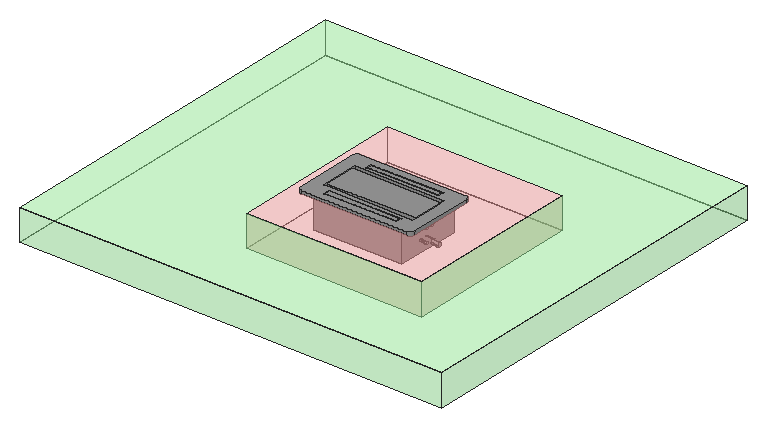
Revit family "BC_Hitachi_RCD-FSR-0.8-6.0_LOD400", category Mechanical Equipment, host Face, Revit 2018
Family settings
  Host = Face
  Round Connector Dimension = Use Diameter
  Part Type = Normal
  OmniClass Number = 23.75.70.00
  OmniClass Title = HVAC Distribution Devices
  Cut with Voids When Loaded = No
  Shared = No
  Room Calculation Point = No
Parameters (values of type "RCD-0.8FSR")
  Wiring diameter = 26.00 mm
  Usage Current = 5 A
  Uniformat code = "D3040"
  Uniformat = "Distribution Systems"
  Sound power max = 44
  Refrigerant Type = "R410A / R32"
  Reference = "RCD-0.8FSR"
  Product Code = "60279168"
  Overall width = 860.00 mm
  Overall height = 298.00 mm
  Overall depth = 630.00 mm
  Outlet Diameter = 32.00 mm
  OmniClass description = "Air Handling Units"
  OmniClass code = "23-33 25 00"
  Number of Poles = 1
  Nominal Voltage = 230 V
  Name BIM&CO = "Indoor Unit"
  Minimum Air Flow = 390.0 m³/h
  Minimum AC Voltage = 207 V
  Maximum Air Flow = 600.0 m³/h
  Maximum AC Voltage = 253 V
  Masterformat Code = "23 73 00"
  MasterFormat = "Indoor Central-Station Air-Handling Units"
  Mass = 23.00 kg
  Manufacturer Product Link = ""
  Liquid Diameter = 6.35 mm
  Gas Diameter = 12.70 mm
  GTIN (Global Trade Item Number)  = ""
  Frequency = 50 Hz
  Description OmniClass = "Air Handling Units"
  Color = "Spring white (4.1Y8.5/0.7)"
  BC_VARIANT_ID = "508768"
  BC_OBJECT_VERSION = "#10"  # constant formula
  BC_OBJECT_ID = "209119"  # constant formula
  BC_MODEL_ID = ""  # constant formula
  Acoustic Pressure Level Mini = 27
  Acoustic Pressure Level Medium (dB) = 28
  Service space [instance] = yes
  Model = "RCD - 2-way cassette"
  Heating Capacity = 2.2 kW
  Face Depth = 30.00 mm
  Operation space [instance] = yes
  Face Length = 1100.00 mm
  Face Width = 710.00 mm
  Fan motor type (output) = 57 W
  Manufacturer = "Hitachi Air Conditioning Europe SAS"
  Default Elevation = 1219.20 mm
  Duct adapter diameter = 150.00 mm
  Description = "RCD - 2-way cassette"
  Cooling Capacity = 2 kW
  Type Comments = "RCD-0.8FSR"
  Air Flow (HiH/Hi/Me/low) m3/min = "10/9/7.5/6.5"
  Acoustic Pressure Level Maxi = 30
Types (9, lengths in mm): name | Sound power max | Reference | Product Code | Overall width | Minimum Air Flow | Maximum Air Flow | Mass | Liquid Diameter | Gas Diameter | BC_VARIANT_ID | Acoustic Pressure Level Mini | Acoustic Pressure Level Medium (dB) | Heating Capacity | Face Length | Fan motor type (output) | Cooling Capacity | Type Comments | Air Flow (HiH/Hi/Me/low) m3/min | Acoustic Pressure Level Maxi
  RCD-6.0FSR | 59 | "RCD-6.0FSR" | "60279176" | 1420.00 | 1440.0 m³/h | 2220.0 m³/h | 39.00 kg | 9.52 | 15.88 | "508773" | 39 | 42 | 16.8 kW | 1660.00 | 114 W | 14 kW | "RCD-6.0FSR" | "37/32.5/28.5/24" | 48
  RCD-5.0FSR | 55 | "RCD-5.0FSR" | "60279175" | 1420.00 | 1260.0 m³/h | 2100.0 m³/h | 39.00 kg | 9.52 | 15.88 | "508772" | 34 | 41 | 14 kW | 1660.00 | 114 W | 12.5 kW | "RCD-5.0FSR" | "35/31/27/21" | 47
  RCD-4.0FSR | 55 | "RCD-4.0FSR" | "60279174" | 1420.00 | 1200.0 m³/h | 1800.0 m³/h | 39.00 kg | 9.52 | 15.88 | "508774" | 34 | 37 | 11.2 kW | 1660.00 | 114 W | 10 kW | "RCD-4.0FSR" | "30/26.5/23/20" | 43
  RCD-3.0FSR | 55 | "RCD-3.0FSR" | "60279173" | 860.00 | 750.0 m³/h | 1260.0 m³/h | 25.00 kg | 9.52 | 15.88 | "508771" | 33 | 38 | 8 kW | 1100.00 | 57 W | 7.1 kW | "RCD-3.0FSR" | "21/18.5/16/12.5" | 45
  RCD-2.5FSR | 52 | "RCD-2.5FSR" | "60279172" | 860.00 | 750.0 m³/h | 1110.0 m³/h | 25.00 kg | 9.52 | 15.88 | "508769" | 33 | 36 | 6.3 kW | 1100.00 | 57 W | 5.6 kW | "RCD-2.5FSR" | "18.5/16.5/14.5/12.5" | 42
  RCD-2.0FSR | 51 | "RCD-2.0FSR" | "60279171" | 860.00 | 630.0 m³/h | 990.0 m³/h | 25.00 kg | 6.35 | 12.70 | "508767" | 30 | 33 | 5.6 kW | 1100.00 | 57 W | 5 kW | "RCD-2.0FSR" | "16.5/14.5/12.5/10.5" | 39
  RCD-1.5FSR | 49 | "RCD-1.5FSR" | "60279170" | 860.00 | 600.0 m³/h | 900.0 m³/h | 25.00 kg | 6.35 | 12.70 | "508770" | 30 | 31 | 4 kW | 1100.00 | 57 W | 3.6 kW | "RCD-1.5FSR" | "15/13/11.5/10" | 37
  RCD-1.0FSR | 46 | "RCD-1.0FSR" | "60279169" | 860.00 | 420.0 m³/h | 660.0 m³/h | 23.00 kg | 6.35 | 12.70 | "508775" | 27 | 28 | 2.8 kW | 1100.00 | 57 W | 2.5 kW | "RCD-0.8FSR" | "11/9.5/8.5/7" | 31
  RCD-0.8FSR | 44 | "RCD-0.8FSR" | "60279168" | 860.00 | 390.0 m³/h | 600.0 m³/h | 23.00 kg | 6.35 | 12.70 | "508768" | 27 | 28 | 2.2 kW | 1100.00 | 57 W | 2 kW | "RCD-0.8FSR" | "10/9/7.5/6.5" | 30
Reference planes
  plane 1 "Centre (avant/arrière)": y = 0
  plane 2: z = 0
  plane 3 "Centre (gauche/droite)": x = 0
  plane 4 "AVANT": y = 315
  plane 5 "DROITE": x = 430
  plane 6 "GAUCHE": x = -430
  plane 7 "ARRIERE": y = -315
  plane 8: z = -298
  plane 9 "AVANT FACADE": y = 355
  plane 10 "ARRIER FACADE": y = -355
  plane 11 "GAUCHE FACADE": x = -550
  plane 12 "DROIT FACADE": x = 550
  plane 13 "Facade": z = 30
  plane 14 "L2": z = -308
  plane 15 "A": x = -2050
  plane 16: y = 1855
  plane 17 "B": x = 2050
  plane 18: y = -1855
  plane 19 "AA": x = -650
  plane 20 "BB": x = 1050
  plane 21: y = -855
  plane 22: y = 855
  plane 23: y = -225
  plane 24: y = -285
  plane 25: y = 285
  plane 26: y = 225
  plane 27: x = -430
  plane 28: z = -22.049
Forms (mm)
  Extrusion 1, solid, material "Aluminum"
    sketch origin (0, 0, 0) x (1, 0, 0) y (0, 1, 0)
      loop
        line (-430, 315) -> (-430, -315) -> (430, -315) -> (430, 315) -> (-430, 315)
    from 0 to -298
  Extrusion 2, solid, material "Plastic, Opaque White"
    sketch origin (0, 0, 0) x (1, 0, 0) y (0, 1, 0)
      loop
        arc (-510, 355) -> (-538.284, 343.284) -> (-550, 315) r 40
        line (-550, 315) -> (-550, -315)
        arc (-550, -315) -> (-538.284, -343.284) -> (-510, -355) r 40
        line (-510, -355) -> (510, -355)
        arc (510, -355) -> (538.284, -343.284) -> (550, -315) r 40
        line (550, -315) -> (550, 315)
        arc (550, 315) -> (538.284, 343.284) -> (510, 355) r 40
        line (510, 355) -> (-510, 355)
    from 0 to 30
  Extrusion 3, solid, material "Copper"
    sketch origin (430, 0, 0) x (0, 1, 0) y (0, 0, 1)
      loop
        circle (-104, -178) r 6.35
    from 0 to 78
  Extrusion 4, solid, material "Copper"
    sketch origin (430, 80, 0) x (0, 1, 0) y (0, 0, 1)
      loop
        circle (-104, -178) r 3.175
    from 0 to 78
  Extrusion 5, solid, material "Plastic, Opaque White"
    sketch origin (430, 148, 0) x (0, 1, 0) y (0, 0, 1)
      loop
        circle (-104, -260) r 16
    from 0 to 78
  Extrusion 6, solid, material "Aluminum"
    sketch origin (-430, 0, 0) x (0, -1, 0) y (0, 0, 1)
      loop
        circle (0, -134) r 75
    from 0 to 15
  Extrusion 7, solid, material "Aluminum"
    sketch origin (430, 0, 139) x (0, 1, 0) y (0, 0, 1)
      loop
        circle (-104, -178) r 13
    from 0 to 78
  Extrusion 8, solid, material "Aluminum"
    sketch origin (430, 59, 139) x (0, 1, 0) y (0, 0, 1)
      loop
        circle (-104, -178) r 13
    from 0 to 78
  Extrusion 9, void
    sketch origin (0, 0, 30) x (-1, 0, 0) y (0, -1, 0)
      loop
        line (350, -285) -> (350, -225) -> (-350, -225) -> (-350, -285) -> (350, -285)
      loop
        line (341, -276) -> (341, -234) -> (-341, -234) -> (-341, -276) -> (341, -276)
    from 0 to -30
  Extrusion 10, void
    sketch origin (0, 0, 30) x (-1, 0, 0) y (0, -1, 0)
      loop
        line (350, 225) -> (350, 285) -> (-350, 285) -> (-350, 225) -> (350, 225)
      loop
        line (341, 234) -> (341, 276) -> (-341, 276) -> (-341, 234) -> (341, 234)
    from 0 to -30
  Extrusion 11, void
    sketch origin (0, 0, 30) x (-1, 0, 0) y (0, -1, 0)
      loop
        line (430, -150) -> (430, 150) -> (-430, 150) -> (-430, -150) -> (430, -150)
      loop
        line (435, -190) -> (435, 190) -> (-435, 190) -> (-435, -190) -> (435, -190)
    from 0 to -52.049
  Extrusion 12, solid, material "Operation space", visible <- "Operation space"
    sketch origin (0, 0, -308) x (-1, 0, 0) y (0, -1, 0)
      loop
        line (2050, -1855) -> (2050, 1855) -> (-2050, 1855) -> (-2050, -1855) -> (2050, -1855)
    from 0 to 308
  Extrusion 13, solid, material "Service space", visible <- "Service space"
    sketch origin (0, 0, -308) x (-1, 0, 0) y (0, -1, 0)
      loop
        line (650, -855) -> (650, 855) -> (-1050, 855) -> (-1050, -855) -> (650, -855)
    from 0 to 308
Cuts and joins
  Extrusion 9, Extrusion 10, Extrusion 11 cuts Extrusion 2
  Extrusion 10, Extrusion 11 cuts Extrusion 1
  Extrusion 9, Extrusion 10, Extrusion 11 cuts Extrusion 13
  Extrusion 9, Extrusion 10, Extrusion 11 cuts Extrusion 12
Lines and regions (mm)
  model lines, style "MechanicalEquipmentHiddenLines", visible <- "Service space"
    curve 1: line (-650, 855, 0) -> (1050, 855, 0)
    curve 2: line (-650, -855, 0) -> (-650, 855, 0)
    curve 3: line (1050, -855, 0) -> (-650, -855, 0)
    curve 4: line (1050, 855, 0) -> (1050, -855, 0)
    curve 5: line (-650, 855, -308) -> (1050, 855, -308)
    curve 6: line (-650, -855, -308) -> (-650, 855, -308)
    curve 7: line (1050, -855, -308) -> (-650, -855, -308)
    curve 8: line (1050, 855, -308) -> (1050, -855, -308)
    curve 9: line (-650, 855, -308) -> (1050, 855, -308)
    curve 10: line (-650, -855, -308) -> (-650, 855, -308)
    curve 11: line (1050, -855, -308) -> (-650, -855, -308)
    curve 12: line (1050, 855, -308) -> (1050, -855, -308)
    curve 25: line (1050, -855, 0) -> (1050, -855, -308)
    curve 26: line (1050, 855, 0) -> (1050, 855, -308)
    curve 27: line (-650, -855, 0) -> (-650, -855, -308)
    curve 28: line (-650, 855, 0) -> (-650, 855, -308)
  model lines, style "MechanicalEquipmentHiddenLines", visible <- "Operation space"
    curve 13: line (-2050, 1855, -308) -> (2050, 1855, -308)
    curve 14: line (-2050, -1855, -308) -> (-2050, 1855, -308)
    curve 15: line (2050, -1855, -308) -> (-2050, -1855, -308)
    curve 16: line (2050, 1855, -308) -> (2050, -1855, -308)
    curve 17: line (-2050, 1855, 0) -> (2050, 1855, 0)
    curve 18: line (-2050, -1855, 0) -> (-2050, 1855, 0)
    curve 19: line (2050, -1855, 0) -> (-2050, -1855, 0)
    curve 20: line (2050, 1855, 0) -> (2050, -1855, 0)
    curve 21: line (-2050, -1855, 0) -> (-2050, -1855, -308)
    curve 22: line (-2050, 1855, 0) -> (-2050, 1855, -308)
    curve 23: line (2050, 1855, 0) -> (2050, 1855, -308)
    curve 24: line (2050, -1855, 0) -> (2050, -1855, -308)
  model lines
    curve 29: line (-430, 150, 30) -> (430, 150, 30)
    curve 30: line (-430, -150, 30) -> (-430, 150, 30)
    curve 31: line (430, -150, 30) -> (-430, -150, 30)
    curve 32: line (430, 150, 30) -> (430, -150, 30)
    curve 33: line (-350, 285, 30) -> (350, 285, 30)
    curve 34: line (-350, 225, 30) -> (-350, 285, 30)
    curve 35: line (350, 225, 30) -> (-350, 225, 30)
    curve 36: line (350, 285, 30) -> (350, 225, 30)
    curve 37: line (-350, -285, 30) -> (350, -285, 30)
    curve 38: line (-350, -225, 30) -> (-350, -285, 30)
    curve 39: line (350, -225, 30) -> (-350, -225, 30)
    curve 40: line (350, -285, 30) -> (350, -225, 30)
    curve 41: line (341, 234, 30) -> (-341, 234, 30)
    curve 42: line (-341, 234, 30) -> (-341, 276, 30)
    curve 43: line (-341, 276, 30) -> (341, 276, 30)
    curve 44: line (341, 276, 30) -> (341, 234, 30)
    curve 45: line (-341, -234, 30) -> (-341, -276, 30)
    curve 46: line (341, -234, 30) -> (-341, -234, 30)
    curve 47: line (-341, -276, 30) -> (341, -276, 30)
    curve 48: line (341, -276, 30) -> (341, -234, 30)
    curve 49: line (-435, 190, 30) -> (435, 190, 30)
    curve 50: line (435, -190, 30) -> (-435, -190, 30)
    curve 51: line (-435, -190, 30) -> (-435, 190, 30)
    curve 52: line (435, 190, 30) -> (435, -190, 30)
Dimensions and locks
  equal spacing: plane 6 "GAUCHE", plane 3 "Centre (gauche/droite)", plane 5 "DROITE"
  equal spacing: plane 7 "ARRIERE", plane 1 "Centre (avant/arrière)", plane 4 "AVANT"
  "Overall width": plane 6 "GAUCHE" to plane 5 "DROITE"
  "Overall depth": plane 4 "AVANT" to plane 7 "ARRIERE"
  "Overall height": plane 2 to plane 8
  equal spacing: plane 11 "GAUCHE FACADE", plane 3 "Centre (gauche/droite)", plane 12 "DROIT FACADE"
  equal spacing: plane 10 "ARRIER FACADE", plane 1 "Centre (avant/arrière)", plane 9 "AVANT FACADE"
  "Face Length": plane 11 "GAUCHE FACADE" to plane 12 "DROIT FACADE"
  "Face Width": plane 10 "ARRIER FACADE" to plane 9 "AVANT FACADE"
  "Face Depth": plane 13 "Facade" to plane 2
  plane 7 "ARRIERE" to Extrusion 3 sketch curve = 211.00 mm
  plane 13 "Facade" to Extrusion 3 sketch curve = 208.00 mm
  plane 2 to Extrusion 5 sketch curve = 260.00 mm
  equal spacing: plane 13 "Facade", Extrusion 6 sketch curve, plane 8
  locked: Extrusion 1 to plane 14 "L2" at 10
  equal spacing: plane 15 "A", plane 3 "Centre (gauche/droite)", plane 17 "B"
  locked: plane 15 "A" to plane 11 "GAUCHE FACADE" at 1500
  locked: plane 18 to plane 10 "ARRIER FACADE" at 1500
  equal spacing: plane 16, plane 1 "Centre (avant/arrière)", plane 18
  equal spacing: plane 22, plane 1 "Centre (avant/arrière)", plane 21
  plane 21 to plane 10 "ARRIER FACADE" = 500.00 mm
  locked: plane 19 "AA" to plane 11 "GAUCHE FACADE" at 100
  locked: plane 12 "DROIT FACADE" to plane 20 "BB" at 500
  equal spacing: curve 31, plane 1 "Centre (avant/arrière)", curve 29
  plane 1 "Centre (avant/arrière)" to curve 29 = 150.00 mm
  equal spacing: curve 30, plane 3 "Centre (gauche/droite)", curve 32
  curve 30 to plane 3 "Centre (gauche/droite)" = 430.00 mm
  equal spacing: curve 34, plane 3 "Centre (gauche/droite)", curve 36
  equal spacing: curve 38, plane 3 "Centre (gauche/droite)", curve 40
  locked: Extrusion 2 to curve 38 at 200
  locked: Extrusion 2 to curve 34 at 200
  locked: plane 23 to plane 24 at 60
  locked: plane 24 to plane 10 "ARRIER FACADE" at 70
  locked: plane 9 "AVANT FACADE" to plane 25 at 70
  locked: plane 25 to plane 26 at 60
  locked: plane 11 "GAUCHE FACADE" to plane 27 at 120
  "Gas Diameter": diameter of Extrusion 3 sketch curve
  "Liquid Diameter": diameter of Extrusion 4 sketch curve
  "Outlet Diameter": diameter of Extrusion 5 sketch curve
  "Duct adapter diameter": diameter of Extrusion 6 sketch curve
  "Wiring diameter": diameter of Extrusion 7 sketch curve
  "Wiring diameter": diameter of Extrusion 8 sketch curve
  aligned and locked: plane 2 to host face
  aligned and locked: level to host face
  aligned and locked: Extrusion 1 to plane 8
  aligned and locked: plane 13 "Facade" to Extrusion 2
  aligned and locked: Extrusion 1 sketch curve to plane 4 "AVANT"
  aligned and locked: Extrusion 1 sketch curve to plane 6 "GAUCHE"
  aligned and locked: Extrusion 1 sketch curve to plane 7 "ARRIERE"
  aligned and locked: Extrusion 1 sketch curve to plane 5 "DROITE"
  aligned and locked: curve 1 to plane 22
  aligned and locked: plane 19 "AA" to curve 2
  aligned and locked: plane 21 to curve 3
  aligned and locked: curve 4 to plane 20 "BB"
  aligned and locked: curve 5 to curve 1
  aligned and locked: curve 6 to curve 2
  aligned and locked: curve 7 to curve 3
  aligned and locked: curve 8 to curve 4
  aligned and locked: curve 17 to curve 13
  aligned and locked: curve 18 to curve 14
  aligned and locked: curve 19 to curve 15
  aligned and locked: curve 20 to curve 16
  aligned and locked: curve 37 to plane 24
  aligned and locked: plane 23 to curve 39
  aligned and locked: plane 26 to curve 35
  aligned and locked: curve 33 to plane 25
  aligned and locked: plane 27 to curve 30
  aligned and locked: Extrusion 9 sketch curve to curve 43
  aligned and locked: Extrusion 9 sketch curve to curve 42
  aligned and locked: Extrusion 9 sketch curve to curve 41
  aligned and locked: Extrusion 9 sketch curve to curve 44
  aligned and locked: Extrusion 9 to level
  aligned and locked: Extrusion 10 sketch curve to curve 39
  aligned and locked: Extrusion 10 sketch curve to curve 38
  aligned and locked: Extrusion 10 sketch curve to curve 37
  aligned and locked: Extrusion 10 sketch curve to curve 40
  aligned and locked: Extrusion 10 sketch curve to curve 46
  aligned and locked: Extrusion 10 sketch curve to curve 45
  aligned and locked: Extrusion 10 sketch curve to curve 47
  aligned and locked: Extrusion 10 sketch curve to curve 48
  aligned and locked: Extrusion 11 sketch curve to curve 29
  aligned and locked: Extrusion 11 sketch curve to curve 30
  aligned and locked: Extrusion 11 sketch curve to curve 31
  aligned and locked: Extrusion 11 sketch curve to curve 32
  aligned and locked: Extrusion 11 sketch curve to curve 49
  aligned and locked: Extrusion 11 sketch curve to curve 51
  aligned and locked: Extrusion 11 sketch curve to curve 50
  aligned and locked: Extrusion 11 sketch curve to curve 52
  aligned and locked: cut or joined group of Extrusion 1, Extrusion 10, Extrusion 11 to plane 28
  aligned and locked: Extrusion 12 to curve 19
  aligned and locked: Extrusion 13 sketch curve to curve 1
  aligned and locked: Extrusion 13 sketch curve to curve 2
  aligned and locked: Extrusion 13 sketch curve to curve 3
  aligned and locked: Extrusion 13 sketch curve to curve 4
  aligned and locked: level to Extrusion 13
Automatic sketch dimensions
  host sketch curve to host sketch curve = 2438.40 mm  (x2)
  curve 19 to plane 15 "A" = 0.00 mm
  curve 19 to plane 17 "B" = 0.00 mm
  curve 20 to plane 18 = 0.00 mm
  curve 17 to plane 16 = 0.00 mm
  Extrusion 2 sketch curve to plane 9 "AVANT FACADE" = 0.00 mm
  plane 7 "ARRIERE" to Extrusion 2 sketch curve = 0.00 mm  (x2)
  Extrusion 2 sketch curve to plane 4 "AVANT" = 0.00 mm  (x2)
  Extrusion 2 sketch curve to plane 12 "DROIT FACADE" = 0.00 mm
  plane 10 "ARRIER FACADE" to Extrusion 2 sketch curve = 0.00 mm
  Extrusion 2 sketch curve to plane 11 "GAUCHE FACADE" = 0.00 mm
  curve 21 to plane 14 "L2" = 0.00 mm
  curve 21 to plane 18 = 0.00 mm
  curve 22 to plane 14 "L2" = 0.00 mm
  curve 22 to plane 16 = 0.00 mm
  curve 22 to level = 0.00 mm
  curve 21 to level = 0.00 mm
  curve 24 to level = 0.00 mm
  curve 24 to plane 18 = 0.00 mm
  curve 23 to plane 14 "L2" = 0.00 mm
  curve 23 to plane 16 = 0.00 mm
  curve 24 to plane 14 "L2" = 0.00 mm
  curve 23 to level = 0.00 mm
  curve 25 to plane 14 "L2" = 0.00 mm
  curve 25 to plane 21 = 0.00 mm
  curve 26 to plane 14 "L2" = 0.00 mm
  curve 26 to plane 22 = 0.00 mm
  curve 26 to level = 0.00 mm
  curve 25 to level = 0.00 mm
  curve 27 to plane 14 "L2" = 0.00 mm
  curve 27 to plane 21 = 0.00 mm
  curve 28 to plane 14 "L2" = 0.00 mm
  curve 28 to plane 22 = 0.00 mm
  curve 28 to level = 0.00 mm
  curve 27 to level = 0.00 mm
  Extrusion 9 sketch curve to plane 26 = 0.00 mm
  Extrusion 9 sketch curve to Extrusion 9 sketch curve = 9.00 mm  (x2)
  Extrusion 9 sketch curve to plane 25 = 0.00 mm
  curve 35 to curve 44 = 9.00 mm
  curve 37 to curve 47 = 9.00 mm
  curve 47 to curve 37 = 9.00 mm
  curve 41 to curve 34 = 9.00 mm
  curve 51 to plane 27 = 5.00 mm
  curve 43 to plane 25 = 9.00 mm
  plane 26 to curve 42 = 9.00 mm
  plane 23 to curve 51 = 35.00 mm
  curve 46 to plane 23 = 9.00 mm
  plane 24 to curve 45 = 9.00 mm
  curve 52 to curve 29 = 5.00 mm
  curve 49 to plane 26 = 35.00 mm
  Extrusion 12 sketch curve to plane 16 = 0.00 mm
  Extrusion 12 sketch curve to plane 17 "B" = 0.00 mm
  Extrusion 12 sketch curve to plane 15 "A" = 0.00 mm
  Extrusion 12 sketch curve to plane 18 = 0.00 mm
  plane 1 "Centre (avant/arrière)" to Extrusion 4 sketch curve = 24.00 mm
  plane 8 to Extrusion 4 sketch curve = 120.00 mm
  Extrusion 5 sketch curve to plane 1 "Centre (avant/arrière)" = 44.00 mm
  Extrusion 6 sketch curve to plane 1 "Centre (avant/arrière)" = 0.00 mm
  Extrusion 7 sketch curve to plane 28 = 16.951 mm
  plane 1 "Centre (avant/arrière)" to Extrusion 7 sketch curve = 104.00 mm
  Extrusion 8 sketch curve to plane 28 = 16.951 mm
  plane 1 "Centre (avant/arrière)" to Extrusion 8 sketch curve = 45.00 mm
Connectors
  piping at (508, -104, -178), diameter 12.7, driven by "Gas Diameter"
    settings: on Extrusion 3, index 1, connector inside diameter 609.6 mm, connector length 0.00 mm, flow factor 0, pipe flow 0.0 L/s, pressure drop 0.0 Pa, fitting loss kfactor 0, connector angle 0.00°, fixture units 0, engagement length 0.00 mm, angle of deflection 0.00°, flow configuration 0, flow direction 0, fitting loss method 0, system type 29, joint type 0, gender type 0, connector reference index -1, connector utility 0, adjustable connector no, is connector primary yes, connector description ""
  piping at (508, 44, -260), diameter 32, driven by "Outlet Diameter"
    settings: on Extrusion 5, index 2, connector inside diameter 609.6 mm, connector length 0.00 mm, flow factor 0, pipe flow 0.0 L/s, pressure drop 0.0 Pa, fitting loss kfactor 0, connector angle 0.00°, fixture units 0, engagement length 0.00 mm, angle of deflection 0.00°, flow configuration 0, flow direction 2, fitting loss method 0, system type 16, joint type 0, gender type 0, connector reference index -1, connector utility 0, adjustable connector no, is connector primary no, connector description ""
  piping at (508, -24, -178), diameter 6.35, driven by "Liquid Diameter"
    settings: on Extrusion 4, index 3, connector inside diameter 609.6 mm, connector length 0.00 mm, flow factor 0, pipe flow 0.0 L/s, pressure drop 0.0 Pa, fitting loss kfactor 0, connector angle 0.00°, fixture units 0, engagement length 0.00 mm, angle of deflection 0.00°, flow configuration 0, flow direction 0, fitting loss method 0, system type 29, joint type 0, gender type 0, connector reference index -1, connector utility 0, adjustable connector no, is connector primary no, connector description ""
  hvac at (-445, 0, -134), driven by "Duct adapter diameter"
    settings: on Extrusion 6, index 4, duct flow 0.0 m³/h, flow factor 0, pres drop 0.0 Pa, loss coef 0, conn angle 0.00°, conn width 304.8 mm, conn height 304.8 mm, conn diameter 150 mm, duct sys type 1, conn prof type 0, flow config 0, flow direction 1, loss method 0, conn ref index -1, conn util no, is conn primary yes, conn desc ""
  electrical at (508, -104, -39), driven by "Nominal Voltage"
    settings: on Extrusion 7, index 5, voltage 230 V, apparent load 0 VA, apparent load phase1 0 VA, apparent load phase2 0 VA, apparent load phase3 0 VA, power factor 1, load classification "Autre", number of poles 1, system type 30, power factor state 1, is connector primary yes, connector utility no, sub classification motor no, connector description ""
  electrical at (508, -45, -39), driven by "Nominal Voltage"
    settings: on Extrusion 8, index 6, voltage 230 V, apparent load 0 VA, apparent load phase1 0 VA, apparent load phase2 0 VA, apparent load phase3 0 VA, power factor 1, load classification "Autre", number of poles 1, system type 30, power factor state 1, is connector primary no, connector utility no, sub classification motor no, connector description ""
